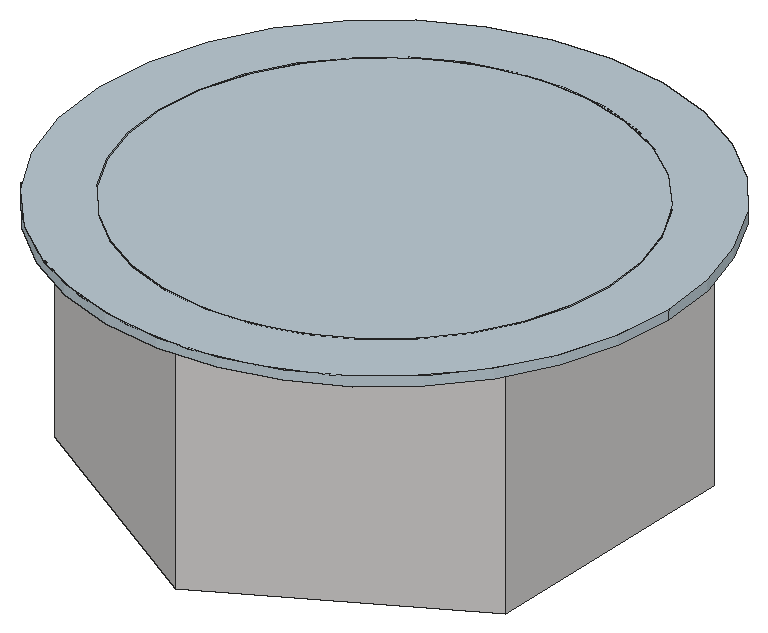
Revit family "Electrical_Equipment-Floor_Box-Hubbell_Wiring-AFBS1R6FF", category Electrical Fixtures, host Face, Revit 2015
Parameters (values of type "AFBS1R6FF")
  URL = "http://www.hubbell-wiring.com/"
  Product data url = "https://bimobject.com/hubbellwiring/product/hubbell-afbs1r6ff"
  Product Page URL = "http://www.hubbell-wiring.com/press/pdfs/SystemOne.pdf"
  Product Material = Metal-Hubbell-Galzanized Steel
  Product Documentation Link = "http://www.hubbell-wiring.com/press/pdfs/SystemOne.pdf"
  Model = "AFBS1R6BASE"  # constant formula
  Manufacturer Phone = "475-882-4800"  # constant formula
  Manufacturer Fax = "203-882-4852"  # constant formula
  Manufacturer = "Hubbell Wiring Device-Kellems"  # constant formula
  Description = "Raised Access Furniture Feed Floor Box"  # constant formula
  Default Elevation = 48.00"
  Conduit Connector_3 Description = "0.75in. and 0.5in. NPT Power Hub"  # constant formula
  Conduit Connector_2 Description = "1.25in. NPT Data Hub"  # constant formula
  Conduit Connector_1 Description = "0.75in. NPT Power Hub"  # constant formula
  Conduit Connector 3 Radius = 0.50"
  Conduit Connector 2 Radius = 1.25"
  Conduit Connector 1 Radius = 0.75"
  Box Cover [instance] = Cover : AFBS1R6FFALU
  Assembly Code = "D5020115"
Reference planes (in)
  plane 1 "Center (Front/Back)": y = 0
  plane 2: z = 0
  plane 3 "Center (Left/Right)": x = 0
  plane 4: x = -3.765
  plane 5: x = 3.765
  plane 6: x = -2.98
  plane 7: x = 2.98
  plane 8: z = 0.125
  plane 9: z = -2.99863
  plane 10: z = -2.87363
  plane 11: z = -2.74863
  plane 12: z = -0.125
  plane 13: x = -2.90326
  plane 14: x = -3.05674
  plane 15: x = 2.98
  plane 16: x = 2.90326
  plane 17: x = 3.05674
  plane 18: z = -1.43681
  plane 19: z = -0.78091
  plane 20: z = -1.9228
  plane 21: through (0, -3.44101, 48) normal (-0.5, 0.866, 0)
  plane 22: y = 0.47
  plane 23: x = -1.891
  plane 24: x = 0.92
  plane 25: y = -0.467
  plane 26: z = -3.08863
Forms (in)
  Extrusion 1, solid, material "Metal-Hubbell-Galzanized Steel" <- "Product Material"
    sketch origin (0, 0, 0) x (1, 0, 0) y (0, 1, 0)
      loop
        line (2.98, -1.7205) -> (2.98, 1.7205) -> (0, 3.44101) -> (-2.98, 1.7205) -> (-2.98, -1.7205) -> (0, -3.44101) -> (2.98, -1.7205)
    from -2.99863 to -2.87363
  Extrusion 2, solid, material "Metal-Hubbell-Galzanized Steel" <- "Product Material"
    sketch origin (0, 0, 0) x (1, 0, 0) y (0, 1, 0)
      loop
        circle (0, 0) r 2.75
      loop
        line (2.98, 1.7205) -> (0, 3.44101) -> (-2.98, 1.7205) -> (-2.98, -1.7205) -> (0, -3.44101) -> (2.98, -1.7205) -> (2.98, 1.7205)
    from -2.87363 to 0
  Extrusion 3, solid, material "Metal-Hubbell-Galzanized Steel" <- "Product Material", detail levels fine
    sketch origin (0, 0, 0) x (0, 1, 0) y (0, 0, 1)
      loop
        circle (0, -1.9228) r 0.75
    from -3.05674 to -2.98
  Extrusion 4, solid, material "Metal-Hubbell-Galzanized Steel" <- "Product Material", detail levels fine
    sketch origin (0, 0, 0) x (1, 0, 0) y (0, 1, 0)
      loop
        circle (-1.891, 0.47) r 0.5
      loop
        circle (0.92, -0.47) r 1.25
    from -3.08863 to -2.99863
Cuts and joins
  joined: Extrusion 1, Extrusion 2
Lines and regions (in)
  symbolic lines
    curve 1: circle (0, 0, 0) r 3.765 normal (0, 0, 1)
    curve 2: circle (0, 0, 0) r 2.98 normal (0, 0, 1)
    curve 9: line (3.765, 0, 0.125) -> (-3.765, 0, 0.125)
    curve 10: line (3.765, 0, 0) -> (3.765, 0, 0.125)
    curve 11: line (-3.765, 0, 0) -> (3.765, 0, 0)
    curve 12: line (-3.765, 0, 0.125) -> (-3.765, 0, 0)
    curve 13: line (2.98, 0, 0) -> (-2.98, 0, 0)
    curve 14: line (2.98, 0, -2.99863) -> (2.98, 0, 0)
    curve 15: line (-2.98, 0, -2.99863) -> (2.98, 0, -2.99863)
    curve 16: line (-2.98, 0, 0) -> (-2.98, 0, -2.99863)
    curve 17: line (0, 3.765, 0.125) -> (0, -3.44101, 0.125)
    curve 18: line (0, 3.765, 0) -> (0, 3.765, 0.125)
    curve 19: line (0, -3.44101, 0) -> (0, 3.765, 0)
    curve 20: line (0, -3.44101, 0.125) -> (0, -3.44101, 0)
    curve 21: line (0, 3.44101, 0) -> (0, -3.44101, 0)
    curve 22: line (0, 3.44101, -2.99863) -> (0, 3.44101, 0)
    curve 23: line (0, -3.44101, -2.99863) -> (0, 3.44101, -2.99863)
    curve 24: line (0, -3.44101, 0) -> (0, -3.44101, -2.99863)
  model lines, detail levels fine
    curve 3: line (2.98, -1.7205, -1.15591) -> (2.98, 0.22285, -1.15591)
    curve 4: line (2.98, -1.7205, -2.2978) -> (2.98, 0.22285, -2.2978)
    curve 5: arc (2.98, 0.22285, -1.15591) -> (2.98, 0.79379, -1.72685) -> (2.98, 0.22285, -2.2978) r 0.57094
    curve 6: line (2.98, -1.7205, -1.15591) -> (1.29701, -2.69218, -1.15591)
    curve 7: line (2.98, -1.7205, -2.2978) -> (1.29701, -2.69218, -2.2978)
    curve 8: arc (1.29701, -2.69218, -1.15591) -> (0.80256, -2.97765, -1.72685) -> (1.29701, -2.69218, -2.2978) r 0.57094
Dimensions and locks (in)
  equal spacing: plane 4, plane 3 "Center (Left/Right)", plane 5
  plane 4 to plane 5 = 7.53"
  equal spacing: plane 6, plane 3 "Center (Left/Right)", plane 7
  plane 6 to plane 7 = 5.96"
  plane 8 to host face = 0.125"
  host face to plane 9 = 2.99863"
  locked: host face to plane 12 at 0.125
  locked: plane 11 to plane 10 at 0.125
  equal spacing: plane 14, plane 6, plane 13, locked at 0.07674 each
  equal spacing: plane 17, plane 15, plane 16, locked at 0.07674 each
  equal spacing: plane 2, plane 18, plane 10
  equal spacing: plane 18, plane 19, plane 12
  plane 9 to plane 26 = 0.09"
  locked: Extrusion 2 sketch curve to Extrusion 2 sketch curve at 3.44101  (x4)
  locked: Extrusion 1 sketch curve to Extrusion 1 sketch curve at 3.44101  (x4)
  locked: plane 1 "Center (Front/Back)" to Extrusion 1 sketch curve at 3.44101
  locked: nested 1 to Extrusion 1 sketch curve at 2.98
  "Conduit Connector 1 Radius": radius of Extrusion 3 sketch curve
  "Conduit Connector 3 Radius": radius of Extrusion 4 sketch curve
  aligned and locked: plane 2 to host face
  aligned and locked: level to host face
  aligned and locked: Extrusion 1 to plane 9
  aligned and locked: plane 10 to Extrusion 1
  aligned and locked: Extrusion 2 to Extrusion 1
  aligned and locked: level to Extrusion 2
  aligned and locked: plane 14 to Extrusion 3
  aligned and locked: plane 3 "Center (Left/Right)" to nested 1
  aligned and locked: plane 1 "Center (Front/Back)" to nested 1
  aligned and locked: nested 1 to Extrusion 2 sketch curve  (x2)
  aligned and locked: plane 21 to cut or joined group of Extrusion 1, Extrusion 2
  aligned and locked: plane 23 to Extrusion 4 sketch curve
  aligned and locked: plane 22 to Extrusion 4 sketch curve
  aligned and locked: plane 9 to Extrusion 4
  aligned and locked: plane 20 to Extrusion 3 sketch curve
  aligned and locked: Extrusion 4 to plane 26
  aligned and locked: plane 6 to Extrusion 3
  aligned and locked: nested 1 to Extrusion 4 sketch curve  (x2)
  aligned and locked: Extrusion 2 sketch curve to plane 6
  aligned and locked: Extrusion 2 sketch curve to plane 15
  aligned and locked: Extrusion 1 sketch curve to plane 6
  aligned and locked: curve 9 to nested 1
  aligned and locked: curve 10 to nested 1
  aligned and locked: curve 11 to nested 1
  aligned and locked: curve 12 to nested 1
  aligned and locked: curve 13 to curve 11
  aligned and locked: curve 16 to nested 1
  aligned and locked: curve 17 to nested 1
  aligned and locked: curve 21 to curve 19
  aligned and locked: nested 1 to Extrusion 3 sketch curve
Automatic sketch dimensions
  host sketch curve to host sketch curve = 96.00"  (x2)
  curve 1 to curve 2 = 0.00"  (x2)
  plane 1 "Center (Front/Back)" to curve 2 = 0.00"
  curve 2 to plane 3 "Center (Left/Right)" = 0.00"
  curve 7 to curve 7 = 1.94335"
  curve 6 to curve 7 = 0.00"
  curve 8 to plane 19 = 0.375"
  plane 20 to curve 8 = 0.375"
  curve 4 to curve 5 = 0.57094"
  Extrusion 2 sketch curve to plane 3 "Center (Left/Right)" = 0.00"
  Extrusion 2 sketch curve to plane 21 = 0.00"  (x2)
  plane 22 to Extrusion 2 sketch curve = 1.2505"
  curve 21 to curve 18 = 0.32399"
  curve 24 to level = 0.00"
  plane 25 to curve 24 = 2.97401"
  plane 22 to curve 21 = 2.97101"
  plane 20 to curve 4 = 0.375"
  plane 25 to curve 4 = 1.2535"
  curve 3 to curve 4 = 0.00"
  curve 4 to plane 1 "Center (Front/Back)" = 0.22285"
  Extrusion 1 sketch curve to plane 3 "Center (Left/Right)" = 0.00"  (x2)
  Extrusion 1 sketch curve to plane 21 = 0.00"
  curve 24 to plane 9 = 0.00"
  plane 7 to curve 13 = 0.00"
  curve 16 to plane 9 = 0.00"
  radius of Extrusion 2 sketch curve = 2.75"
  radius of curve 1 = 3.765"
  radius of curve 2 = 2.98"
  radius of Extrusion 4 sketch curve = 1.25"
Nested families (in)
  nested 1: "Cover" at (0, 0, 0), type <- "Box Cover", type "AFBS1R6FFALU"
Connectors (in)
  cabletrayconduit at (-3.05674, 0, -1.9228), diameter 1.5, driven by "Conduit Connector_1 Description", driven by "Conduit Connector 1 Radius"
    settings: on Extrusion 3, index 1, connector width 12.00", connector height 12.00", connector angle 0.00°, system type 32, placement type 0, profile type 0, connector reference index -1, is primary connector yes, connector utility param no, connector description "0.75in. NPT Power Hub"
  cabletrayconduit at (0.92, -0.47, -3.08863), diameter 2.5, driven by "Conduit Connector 2 Radius", driven by "Conduit Connector_2 Description"
    settings: on Extrusion 4, index 3, connector width 12.00", connector height 12.00", connector angle 0.00°, system type 32, placement type 0, profile type 0, connector reference index -1, is primary connector no, connector utility param no, connector description "1.25in. NPT Data Hub"
  cabletrayconduit at (-1.891, 0.47, -3.08863), diameter 1, driven by "Conduit Connector 3 Radius", driven by "Conduit Connector_3 Description"
    settings: on Extrusion 4, index 4, connector width 12.00", connector height 12.00", connector angle 0.00°, system type 32, placement type 0, profile type 0, connector reference index -1, is primary connector no, connector utility param no, connector description "0.75in. and 0.5in. NPT Power Hub"
Definition of nested family "Cover"
  Parameters
    Temporary Cover = no
    Product Page URL = ""
    Product Material = none
    Product Documentation Link = ""
    Manufacturer Phone = ""
    Manufacturer Fax = ""
    Default Elevation = 48.00"
    Cover = not(Temporary Cover)  # yes
    Conduit Connector_2 Description = ""
    Conduit Connector_1 Description = ""
    Conduit Connector 2 Radius = 0.55"
    Conduit Connector 1 Radius = 0.55"
  Reference planes (in)
    plane 1 "Center (Front/Back)": y = 0
    plane 2: z = 0
    plane 3 "Center (Left/Right)": x = 0
    plane 4: x = -3.765
    plane 5: x = 3.765
    plane 6: x = -2.98
    plane 7: x = 2.98
    plane 8: z = 0.125
    plane 9: z = -2.99863
    plane 10: z = -2.87363
    plane 11: z = -2.74863
    plane 12: z = -0.125
    plane 13: x = -2.90326
    plane 14: x = -3.05674
    plane 15: y = 0.47
    plane 16: x = -1.89
    plane 17: x = 0.92
    plane 18: y = -0.47
  Forms (in)
    Extrusion 1, solid
      sketch origin (0, 0, 0) x (1, 0, 0) y (0, 1, 0)
        loop
          line (-48, 48) -> (-48, -48) -> (48, -48) -> (48, 48) -> (-48, 48)
      from 0 to -12
    Extrusion 2, solid, material <- "Product Material", visible <- "Cover"
      sketch origin (0, 0, 0) x (1, 0, 0) y (0, 1, 0)
        loop
          circle (0, 0) r 3.765
        loop
          circle (0, 0) r 2.98
      from 0 to 0.125
    Extrusion 3, solid, material <- "Product Material", visible <- "Cover"
      sketch origin (0, 0, 0) x (1, 0, 0) y (0, 1, 0)
        loop
          circle (0, 0) r 2.98
      from 0 to 0.125
    Extrusion 4, solid, material <- "Product Material", visible <- "Temporary Cover"
      sketch origin (0, 0, 0) x (1, 0, 0) y (0, 1, 0)
        loop
          circle (0, 0) r 3.765
      from 0 to 0.125
  Lines and regions (in)
    model lines, visible <- "Cover", detail levels medium+fine
      curve 1: circle (0.92, -0.47, 0.125) r 1.25 normal (0, 0, 1)
      curve 2: circle (-1.89, 0.47, 0.125) r 0.5 normal (0, 0, 1)
      curve 3: line (0.29817, 0.61436, 0.125) -> (1.54817, -1.5507, 0.125)
      curve 4: line (-2.34606, 0.67497, 0.125) -> (-1.42933, 0.27562, 0.125)
  Dimensions and locks (in)
    equal spacing: plane 4, plane 3 "Center (Left/Right)", plane 5
    plane 4 to plane 5 = 7.53"
    equal spacing: plane 6, plane 3 "Center (Left/Right)", plane 7
    plane 6 to plane 7 = 5.96"
    plane 8 to Extrusion 1 = 0.125"
    Extrusion 1 to plane 9 = 2.99863"
    locked: Extrusion 1 to plane 12 at 0.125
    locked: plane 11 to plane 10 at 0.125
    equal spacing: plane 14, plane 6, plane 13, locked at 0.07674 each
    plane 16 to plane 3 "Center (Left/Right)" = 1.89"
    aligned and locked: plane 2 to Extrusion 1
    aligned and locked: level to Extrusion 1
    aligned and locked: Extrusion 2 to level
    aligned and locked: plane 8 to Extrusion 2
    aligned and locked: plane 3 "Center (Left/Right)" to Extrusion 3 sketch curve
    aligned and locked: plane 1 "Center (Front/Back)" to Extrusion 3 sketch curve
    aligned and locked: Extrusion 3 to level
    aligned and locked: plane 8 to Extrusion 3
    aligned and locked: Extrusion 4 to level
    aligned and locked: plane 8 to Extrusion 4
    aligned and locked: plane 16 to curve 2
    aligned and locked: plane 15 to curve 2
  Automatic sketch dimensions
    Extrusion 1 sketch curve to Extrusion 1 sketch curve = 96.00"  (x2)
    Extrusion 2 sketch curve to Extrusion 2 sketch curve = 0.00"  (x2)
    plane 1 "Center (Front/Back)" to Extrusion 2 sketch curve = 0.00"
    Extrusion 2 sketch curve to plane 3 "Center (Left/Right)" = 0.00"
    plane 1 "Center (Front/Back)" to Extrusion 4 sketch curve = 0.00"
    Extrusion 4 sketch curve to plane 3 "Center (Left/Right)" = 0.00"
    curve 1 to plane 17 = 0.00"
    plane 18 to curve 1 = 0.00"
    plane 17 to curve 3 = 0.62817"
    plane 15 to curve 3 = 0.14436"
    plane 3 "Center (Left/Right)" to curve 3 = 0.29817"
    curve 4 to plane 15 = 0.19438"
    plane 16 to curve 4 = 0.46067"
    plane 15 to curve 4 = 0.20497"
    radius of Extrusion 2 sketch curve = 3.765"
    radius of Extrusion 2 sketch curve = 2.98"
    radius of Extrusion 3 sketch curve = 2.98"
    radius of Extrusion 4 sketch curve = 3.765"
